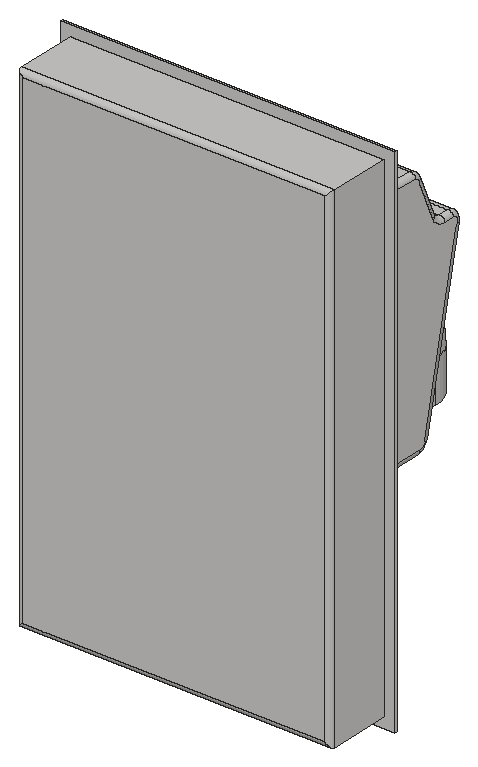
Revit family
Parameters (values of type "As Specified")
  Warranty Duration (Years) = 5
  Voltage_MEP = 120 V
  Unit Width = 0' - 0"
  Unit Height = 0' - 0"
  Unit Depth = 0' - 0"
  URL = "http://www.worlddryer.com/"
  Specification = "http://www.arcat.com/sdspecs/htm/10811wdr.htm"
  Send Message = "http://www.arcat.com/users.pl?action=UserEmail&company=World%20Dryer%20Corp.&coid=36616&rep=111&fax=708-449-6958&mf="
  Sales Information = "http://www.worlddryer.com/find-a-distributor"
  Reqd Wire Gauge = 14
  Recess Kit = Stainless Steel - 16 ga 18-8 Type 304
  Recess = 0' - 3 1/8"
  Manufacturer Phone - Toll Free = "800-323-0701 "
  MEP Apparent Power [instance] = Voltage_MEP * MEP Amperage  # 1500 VA
  MEP Amperage = 12.5 A
  Insrtloc = Recess + 0' 0 1/8"  # 0' - 3 1/4"
  Product Properties = "http://www.arcat.com/bim/bim_info.pl?fn=WorldDryer"
  Product Data = "http://www.arcat.com/arcatcos/cos36/arc36616.html"
  Opening Width = 1' - 3 1/8"
  Opening Offset = 0' - 10"
  Opening Height = 2' - 0 1/8"
  Mounting Height [instance] = 3' - 1"
  Motor = "Motor shall be universal type, 1/10 HP at 7500 RPM"
  Model = "As Specified in 10 28 00"
  Manufacturer Website = "http://www.worlddryer.com/"
  Manufacturer Phone = "708-449-6950 "
  Manufacturer Fax = "708-449-6958"
  Manufacturer Address = "5700 McDermott Dr., Berkeley, IL 60163-1102"
  Manufacturer = "World Dryer Corp."
  Maintenance Schedule (Months) = 0
  Keynote = "10 28 00"
  Installation-Fabrication = "http://www.worlddryer.com/all-hand-dryers"
  Installation Phase = "Interior Fittings"
  Heating Element = "Incorporates a 2100 (optional 1500) watt Nichrome wire heating element Protected by an automatic-resetting, thermal cutoff"
  Hardware Finish = Polished Stainless Steel
  Green Building-LEED = "http://www.arcat.com/green/clients/leed_data_36616.html"
  Frequency = 60 Hz
  Expected Lifespan (Years) = 0
  Drawn By = "Robert S. Weygant, CSI, CDT, SCIP"
  Description = "Hand Dryer as Specified in 10 28 00"
  Cover Material = No. 4 Brushed Finish
  Copyright = "2010, ARCAT, Inc."
  Construction Details = "http://www.arcat.com/details/worlddry/worlddry.html?coid=36616"
  Assembly Code = "C1030210"
  Air Temperature = "70°F"
  Air Output = "Dryers shall deliver 154 cubic feet per minute of air volume (7300 LFM)"
  Actuation = "Automatic"
  ADA Compliant [instance] = and(Mounting Height < 4' 0", Mounting Height > 1' 3", Recess > 0' 3")  # yes
Reference planes (in)
  plane 1: y = 0
  plane 2 "Center (Left/Right)": x = 0.046804
  plane 3 "Wall Edge": y = 4
  plane 4: y = 14
  plane 5: z = 37
  plane 6 "Connection Plane": y = 0.75
  plane 7: z = 27
  plane 8: y = 0.875
Forms (in)
  Extrusion 1, void
    sketch origin (0, 0.75, 0) x (-1, 0, 0) y (0, 0, 1)
      loop
        line (-7.609304, 27) -> (7.515696, 27) -> (7.515696, 51.125) -> (-7.609304, 51.125) -> (-7.609304, 27)
    from 0 to 3.25
  Extrusion 2, solid, material "Stainless Steel - 22 ga 18-8 Type 304", visible <- "ADA Compliant"
    sketch origin (0, 0.75, 0) x (-1, 0, 0) y (0, 0, 1)
      loop
        line (-0.921804, 40.875) -> (-0.921804, 37.125) -> (0.828196, 37.125) -> (0.828196, 40.875) -> (-0.921804, 40.875)
    from 0.2610408 to 0.1310613
  Sweep 3, solid, material "Stainless Steel - 16 ga 18-8 Type 304" <- "Recess Kit"
    path origin (-60, 4, 0) x (-1, 0, 0) y (0, 0, 1)
      loop
        line (-52.484304, 27) -> (-52.484304, 51.125) -> (-67.609304, 51.125) -> (-67.609304, 27) -> (-52.484304, 27)
    profile origin (0.046804, 4, 27) x (0, 0, -1) y (0, 1, 0)
      loop
        line (0, -3) -> (0, 0) -> (0.5, 0) -> (0.5, 0.125) -> (-0.125, 0.125) -> (-0.125, -2.875)
        arc (-0.125, -2.875) -> (-0.1982233, -3.0517767) -> (-0.375, -3.125) r 0.25
        line (-0.375, -3.125) -> (-1, -3.125) -> (-1, -3.25) -> (-0.25, -3.25)
        arc (-0.25, -3.25) -> (-0.0732233, -3.1767767) -> (0, -3) r 0.25
  Extrusion 4, solid, material "Stainless Steel - 16 ga 18-8 Type 304" <- "Recess Kit"
    sketch origin (-1.2965807, 0.75, 48) x (-1, 0, 0) y (0, 0, 1)
      loop
        line (-7.9058847, 2.125) -> (-7.9058847, -20) -> (5.2191153, -20) -> (5.2191153, 2.125) -> (-7.9058847, 2.125)
    from 0 to 0.125
Cuts and joins
  joined: Sweep 3, Extrusion 4
Text (in)
  text "Interior" at (0, 40.1514891, 123.0158834), in view "A 203 - Side Elevation"
  text "Interior" at (-70.3804009, 41.2888511, 0), in view "A-101 Plan View"
  text "Interior" at (0, 81.6255543, 140.5994741), in view "Left"
  text "Exterior" at (-70.3804009, -27.0421791, 0), in view "A-101 Plan View"
  text "Exterior" at (0, -34.7508597, 140.5994741), in view "Left"
  text "Exterior" at (0, -52.2472472, 123.0158834), in view "A 203 - Side Elevation"
Dimensions and locks (in)
  host wall to plane 3 "Wall Edge" = 0' - 0"
  "Mounting Height": plane 5 to level
  equal spacing: Extrusion 1 sketch curve, plane 2 "Center (Left/Right)", Extrusion 1 sketch curve
  "Opening Width": Extrusion 1 sketch curve to Extrusion 1 sketch curve
  "Opening Height": Extrusion 1 sketch curve to Extrusion 1 sketch curve
  "Insrtloc": plane 6 "Connection Plane" to plane 3 "Wall Edge"
  "Opening Offset": plane 7 to plane 5
  locked: Extrusion 2 to Extrusion 2 at 0.1299796
  equal spacing: Sweep 3 sketch curve, plane 2 "Center (Left/Right)", Sweep 3 sketch curve
  "Opening Width": Sweep 3 sketch curve to Sweep 3 sketch curve
  "Opening Height": plane 7 to Sweep 3 sketch curve
  locked: plane 8 to plane 6 "Connection Plane" at 0.125
  aligned and locked: plane 3 "Wall Edge" to host wall
  aligned and locked: Extrusion 1 sketch curve to plane 7
  aligned and locked: Extrusion 1 to plane 3 "Wall Edge"
  aligned and locked: Extrusion 1 to plane 6 "Connection Plane"
  aligned and locked: nested 1 to plane 2 "Center (Left/Right)"
  aligned and locked: nested 1 to plane 5
  aligned and locked: Extrusion 4 sketch curve to Sweep 3  (x3)
  aligned and locked: Sweep 3 to Extrusion 4 sketch curve
  aligned and locked: Extrusion 4 to plane 6 "Connection Plane"
  aligned and locked: plane 8 to Extrusion 4
  aligned and locked: plane 8 to nested 1
  aligned: nested 1 to Extrusion 4
Automatic sketch dimensions
  Extrusion 2 sketch curve to plane 5 = 0' - 0 1/8"
  plane 2 "Center (Left/Right)" to Extrusion 2 sketch curve = 0' - 0 7/8"
  Extrusion 2 sketch curve to plane 2 "Center (Left/Right)" = 0' - 0 7/8"
  Extrusion 2 sketch curve to Extrusion 2 sketch curve = 0' - 3 3/4"
  Sweep 3 sketch curve to plane 7 = 0' - 0"
  Sweep 3 sketch curve to profile plane = 0' - 3 1/8"
  profile plane to Sweep 3 sketch curve = 0' - 1"
  Sweep 3 sketch curve to Sweep 3 sketch curve = 0' - 0 5/8"
  Sweep 3 sketch curve to Sweep 3 sketch curve = 0' - 0 1/8"  (x5)
  Sweep 3 sketch curve to Sweep 3 sketch curve = 0' - 0 1/2"
  Sweep 3 sketch curve to Sweep 3 sketch curve = 0' - 2 7/8"
Nested families (in)
  nested 1: "World Dryer_Component_Recess Mounted" at (0.046804, 0.875, 37) x (-1, 0, 0) z (0, 0, 1), type "World Dryer_Component_Recess Mounted"
Connectors (in)
  electrical at (0.046804, 0.8810613, 39), driven by "Voltage_MEP", driven by "MEP Apparent Power"
    settings: on Extrusion 2, index 1
Definition of nested family "World Dryer_Component_Recess Mounted"
  Parameters (values of type "World Dryer_Component_Recess Mounted")
    Hardware Finish = Polished Stainless Steel
    Cover Material = No. 4 Brushed Finish
    Assembly Code = ""
  Reference planes (in)
    plane 1 "Center (Front/Back)": y = 0
    plane 2: z = 0
    plane 3 "Center (Left/Right)": x = 0
    plane 4: y = -10.1
    plane 5: z = 0
    plane 6: z = 12.5
    plane 7: x = 7.2
    plane 8: x = -7.2
  Forms (in)
    Sweep 1, solid, material "Polished Stainless Steel" <- "Hardware Finish"
      path origin (0, -1.9635958, 0.7244444) x (0, 1, 0) y (0, 0, 1)
        loop
          line (-6.4317468, -0.2916753) -> (-6.4317468, 1.7083247)
          arc (-6.4317468, 1.7083247) -> (-6.0284834, 2.7036547) -> (-5.0461417, 3.1375993) r 1.4299628
      profile origin (0, -8.3953426, 1.432769) x (0, -1, 0) y (1, 0, 0)
        loop
          line (0, -5.6875) -> (0.2112717, -5.6875)
          arc (0.2112717, -5.6875) -> (1.8987717, -4) -> (0.2112717, -2.3125) r 1.6875
          line (0.2112717, -2.3125) -> (0, -2.3125) -> (0, -5.6875)
    Extrusion 2, solid, material "Polished Stainless Steel" <- "Hardware Finish"
      sketch origin (-5.6875, -8.6066143, 0.432769) x (0, 0, 1) y (0, 1, 0)
        loop
          line (0, 0.2112717) -> (2, 0.2112717)
          arc (2, 0.2112717) -> (2.99533, 0.614535) -> (3.4292746, 1.5968767) r 1.4299628
          line (3.4292746, 1.5968767) -> (0, 2.3616729) -> (0, 0.2112717)
      from -3.375 to 0
    Extrusion 3, solid, material "No. 4 Brushed Finish" <- "Cover Material"
      sketch origin (14.2375, -8.9126441, 9.2881595) x (0, -0.392177, -0.91989) y (1, 0, 0)
        loop
          line (-3.2911409, -19.925) -> (-1.6593988, -19.925) -> (-1.6593988, -8.55) -> (-3.2911409, -8.55) -> (-3.2911409, -19.925)
      from -1.7026879 to -1.6637194
    Extrusion 4, solid, material "No. 4 Brushed Finish" <- "Cover Material"
      sketch origin (-5.6875, 0, 0) x (0, 1, 0) y (0, 0, 1)
        loop
          arc (0, 12.5) -> (-2.733603, 12.4824178) -> (-5.4637875, 12.344622) r 62.1383403
          arc (-5.4637875, 12.344622) -> (-5.718163, 12.2528437) -> (-5.8875445, 12.0420357) r 0.5
          line (-5.8875445, 12.0420357) -> (-6.7510376, 10.0168025)
          arc (-6.7510376, 10.0168025) -> (-6.935342, 9.7957415) -> (-7.2109763, 9.7129053) r 0.5
          line (-7.2109763, 9.7129053) -> (-7.7444171, 9.7129053)
          arc (-7.7444171, 9.7129053) -> (-8.1348974, 9.5251955) -> (-8.2321897, 9.1030059) r 0.5
          line (-8.2321897, 9.1030059) -> (-6.2918312, 0.4910064)
          arc (-6.2918312, 0.4910064) -> (-6.0709574, 0.1378488) -> (-5.6778884, 0) r 0.6293331
          line (-5.6778884, 0) -> (0, 0) -> (0, 12.5)
      from -1.5125 to 12.8875
    Sweep 5, void
      path origin (-6.325, 0, 0) x (0, 1, 0) y (0, 0, 1)
        loop
          arc (1.3092873, 12.4658125) -> (-2.0789028, 12.4975838) -> (-5.4637875, 12.344622) r 62.1383403
          arc (-5.4637875, 12.344622) -> (-5.718163, 12.2528437) -> (-5.8875445, 12.0420357) r 0.5
          line (-5.8875445, 12.0420357) -> (-6.7510376, 10.0168025)
          arc (-6.7510376, 10.0168025) -> (-6.935342, 9.7957415) -> (-7.2109763, 9.7129053) r 0.5
          line (-7.2109763, 9.7129053) -> (-7.7444171, 9.7129053)
          arc (-7.7444171, 9.7129053) -> (-8.1348974, 9.5251955) -> (-8.2321897, 9.1030059) r 0.5
          line (-8.2321897, 9.1030059) -> (-6.2918312, 0.4910064)
          arc (-6.2918312, 0.4910064) -> (-6.0709574, 0.1378488) -> (-5.6778884, 0) r 0.6293331
          line (-5.6778884, 0) -> (0.2248163, 0)
      profile origin (-6.325, -5.6778884, 0) x (0, 0, -1) y (1, 0, 0)
        loop
          line (0, -0.875) -> (0, -0.625)
          arc (0, -0.625) -> (-0.0732233, -0.8017767) -> (-0.25, -0.875) r 0.25
          line (-0.25, -0.875) -> (0, -0.875)
    Sweep 6, void
      path origin (6.325, 0, 0) x (0, 1, 0) y (0, 0, -1)
        loop
          arc (1.3092873, -12.4658125) -> (-2.0789028, -12.4975838) -> (-5.4637875, -12.344622) r 62.1383403
          arc (-5.4637875, -12.344622) -> (-5.718163, -12.2528437) -> (-5.8875445, -12.0420357) r 0.5
          line (-5.8875445, -12.0420357) -> (-6.7510376, -10.0168025)
          arc (-6.7510376, -10.0168025) -> (-6.935342, -9.7957415) -> (-7.2109763, -9.7129053) r 0.5
          line (-7.2109763, -9.7129053) -> (-7.7444171, -9.7129053)
          arc (-7.7444171, -9.7129053) -> (-8.1348974, -9.5251955) -> (-8.2321897, -9.1030059) r 0.5
          line (-8.2321897, -9.1030059) -> (-6.2918312, -0.4910064)
          arc (-6.2918312, -0.4910064) -> (-6.0709574, -0.1378488) -> (-5.6778884, 0) r 0.6293331
          line (-5.6778884, 0) -> (0.2248163, 0)
      profile origin (6.325, -5.6778884, 0) x (0, 0, 1) y (-1, 0, 0)
        loop
          line (0, -0.875) -> (0.25, -0.875)
          arc (0.25, -0.875) -> (0.0732233, -0.8017767) -> (0, -0.625) r 0.25
          line (0, -0.625) -> (0, -0.875)
  Cuts and joins
    Sweep 5, Sweep 6 cuts Extrusion 4
    joined: Sweep 1, Extrusion 2
  Dimensions and locks (in)
    plane 1 "Center (Front/Back)" to plane 4 = 0' - 10.1"
    Sweep 1 sketch curve to Sweep 1 sketch curve to profile plane = 0' - 3 3/8", 0' - 2 5/16"
    plane 6 to plane 2 = 1' - 0 1/2"
    Extrusion 3 sketch curve to plane 3 "Center (Left/Right)" to Extrusion 3 sketch curve = 0' - 5 11/16", 0' - 5 11/16"
    plane 6 to plane 5 = 1' - 0 1/2"
    plane 7 to plane 8 = 1' - 2.4"
    aligned and locked: Extrusion 4 to plane 8
    aligned and locked: Extrusion 4 to plane 7
    aligned and locked: plane 3 "Center (Left/Right)" to text3d elem
